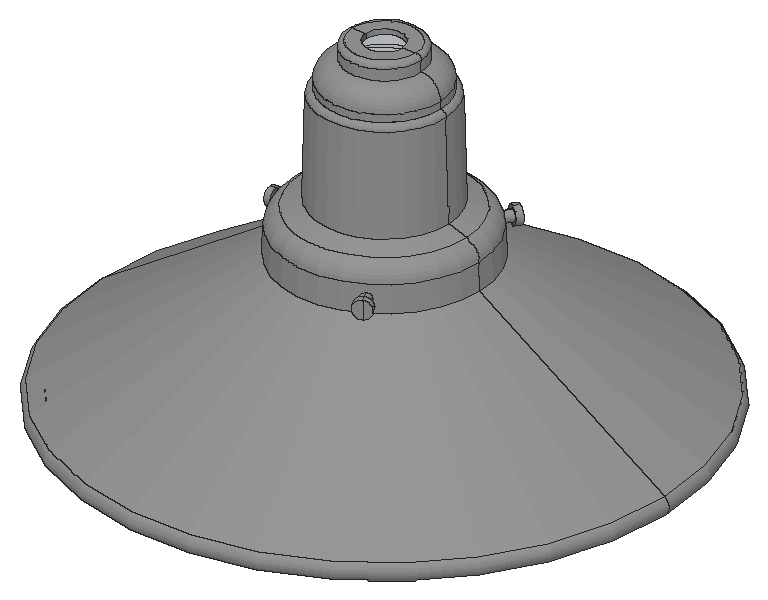
Revit family "S2H10 SHADE", category Lighting Fixtures, Revit 2024
Family settings
  Round Connector Dimension = Use Diameter
  Part Type = Normal
  OmniClass Number = 23.80.70.00
  OmniClass Title = Lighting
  Work Plane-Based = No
  Always vertical = Yes
  Cut with Voids When Loaded = No
  Light Source = Yes
  Maintain Annotation Orientation = No
  Shared = No
  Room Calculation Point = No
Parameters
  Wattage = 12.1178 W
  built-in parameter 1150110 = 1 (stored number, unit not read)
  built-in parameter 1114217 = 1 (stored number, unit not read)
  built-in parameter 1150109 = 1 (stored number, unit not read)
  built-in parameter 1150134 = (empty or 0)
  built-in parameter 1150113 = 1 (stored number, unit not read)
  Lumens = 1800 lm
  built-in parameter 1150115 = 1 (stored number, unit not read)
  built-in parameter 1150105 = 572.96 (stored number, unit not read)
  Light Source Symbol Size = 2' - 0"
  built-in parameter 1150137 = (empty or 0)
  built-in parameter 1150139 = (empty or 0)
  built-in parameter 1150112 = 1 (stored number, unit not read)
  built-in parameter 1150114 = 1 (stored number, unit not read)
  built-in parameter 1150132 = 2
  built-in parameter 1150102 = (empty or 0)
  built-in parameter 1150138 = (empty or 0)
  built-in parameter 1150107 = 3000 (stored number, unit not read)
  built-in parameter 1150106 = 5.7296 (stored number, unit not read)
  built-in parameter 1150104 = 13.8 (stored number, unit not read)
  Dimming Lamp Color Temperature Shift = (empty or 0)
  Default Elevation = 0' - 0"
  Color Filter = 16777215
  built-in parameter 1114218 = 1 (stored number, unit not read)
  built-in parameter 1150133 = 10 (stored number, unit not read)
Reference planes (in)
  plane 1 "Light Source Axis (F/B)": y = 0
  plane 2: z = 0
  plane 3 "Light Source Axis (L/R)": x = 0
  plane 4 "Light Source Elevation": z = 84
Forms (in)
  Revolve 1, solid
    sketch origin (0, 0, -0.42373) x (1, 0, 0) y (0, 0, 1)
      loop
        line (-0.25, 88.89486) -> (-0.43, 88.89486)
        arc (-0.43, 88.89486) -> (-0.4795, 88.87436) -> (-0.5, 88.82486) r 0.07
        line (-0.5, 88.82486) -> (-0.5, 88.68486)
        arc (-0.5, 88.68486) -> (-0.68708, 88.60737) -> (-0.76457, 88.42029) r 0.26457
        line (-0.76457, 88.42029) -> (-0.76457, 88.32449)
        arc (-0.76457, 88.32449) -> (-0.81932, 88.30181) -> (-0.842, 88.24706) r 0.07743
        line (-0.842, 88.24706) -> (-0.875, 86.96486) -> (-1.12093, 86.87535)
        arc (-1.12093, 86.87535) -> (-1.24281, 86.78351) -> (-1.2925, 86.6392) r 0.261
        line (-1.2925, 86.6392) -> (-1.30461, 86.29236) -> (-1.24207, 86.29236) -> (-1.23004, 86.63702)
        arc (-1.23004, 86.63702) -> (-1.19225, 86.74677) -> (-1.09955, 86.81662) r 0.1985
        line (-1.09955, 86.81662) -> (-0.81362, 86.92069) -> (-0.77952, 88.24546)
        arc (-0.77952, 88.24546) -> (-0.72476, 88.26814) -> (-0.70207, 88.3229) r 0.07745
        line (-0.70207, 88.3229) -> (-0.70207, 88.42029)
        arc (-0.70207, 88.42029) -> (-0.61875, 88.58379) -> (-0.4375, 88.61246) r 0.20207
        line (-0.4375, 88.61246) -> (-0.4375, 88.83236) -> (-0.25, 88.83236) -> (-0.25, 88.89486)
      axis (0, 88.89486) -> (0, 86.29236)
    angle from 0 to 360
  Revolve 2, solid
    sketch origin (0, 0, -0.42373) x (1, 0, 0) y (0, 0, 1)
      loop
        line (-1.54717, 86.46501) -> (-1.30016, 86.46501) -> (-1.30016, 86.53518) -> (-1.46388, 86.53518) -> (-1.46388, 86.58194) -> (-1.54717, 86.58194) -> (-1.54717, 86.46501)
      axis (-1.30016, 86.46501) -> (-1.54717, 86.46501)
    angle from 0 to 360
  Revolve 3, solid
    sketch origin (0, 0, -0.42373) x (-0.5, -0.866025, 0) y (0, 0, 1)
      loop
        line (-1.54717, 86.46501) -> (-1.30016, 86.46501) -> (-1.30016, 86.53518) -> (-1.46388, 86.53518) -> (-1.46388, 86.58194) -> (-1.54717, 86.58194) -> (-1.54717, 86.46501)
      axis (-1.30016, 86.46501) -> (-1.54717, 86.46501)
    angle from 0 to 360
  Revolve 4, solid
    sketch origin (0, 0, -0.42373) x (-0.5, 0.866025, 0) y (0, 0, 1)
      loop
        line (-1.54717, 86.46501) -> (-1.30016, 86.46501) -> (-1.30016, 86.53518) -> (-1.46388, 86.53518) -> (-1.46388, 86.58194) -> (-1.54717, 86.58194) -> (-1.54717, 86.46501)
      axis (-1.30016, 86.46501) -> (-1.54717, 86.46501)
    angle from 0 to 360
  Revolve 5, solid
    sketch origin (0, 0, 0) x (1, 0, 0) y (0, 0, 1)
      loop
        line (-1.26801, 85.86863) -> (-3.81765, 84.23916)
        arc (-3.81765, 84.23916) -> (-3.7576, 84.00035) -> (-3.66209, 84.22732) r 0.12981
        line (-3.66209, 84.22732) -> (-1.09392, 85.86863) -> (-1.26801, 85.86863)
      axis (0, 85.86863) -> (0, 84.22732)
    angle from 0 to 360
Dimensions and locks (in)
  aligned and locked: plane 3 "Light Source Axis (L/R)" to imposter light
  aligned and locked: plane 1 "Light Source Axis (F/B)" to imposter light
  aligned and locked: plane 4 "Light Source Elevation" to imposter light
  aligned and locked: level to plane 2
